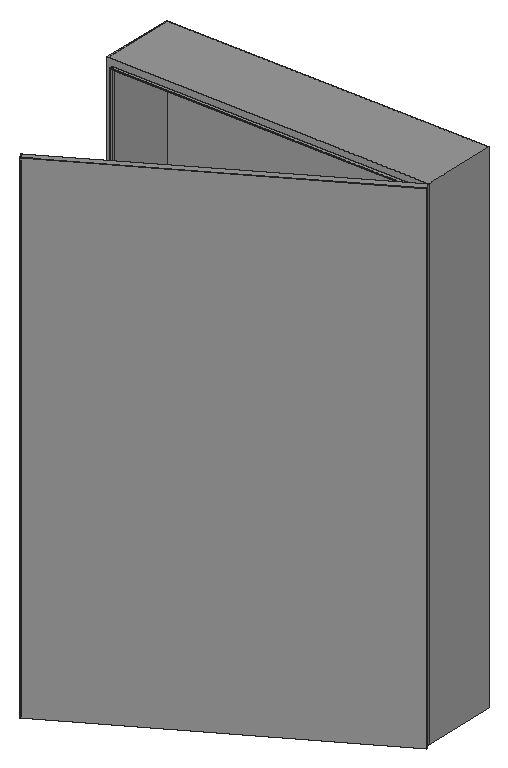
Revit family "Hager-Univers-IP44-D205-H1250-Cl.I-encl-NoHosted-PL-pl", category Electrical Equipment, Revit 2020
Family settings
  Panel Configuration = Two Columns, Circuits Across
  Round Connector Dimension = Use Diameter
  Part Type = Panelboard
  Work Plane-Based = Yes
  Always vertical = Yes
  Cut with Voids When Loaded = No
  Shared = No
  Room Calculation Point = No
Parameters (values of type "Montaż natynkowy IP44 S800 W1250 G205  - FP83TN2")
  Width Control [instance] = if([EF000008 - Szerokość] > Min Width, [EF000008 - Szerokość], Min Width)  # 800 mm
  Type Comments = [HG000003 - Zakres]  # "Univers"
  Thickness Door [instance] = if([EF009171 - Drzwi/pokrywa z materiału o wysokiej wytrzymałości mechanicznej] > 3 mm, 3 mm, [EF009171 - Drzwi/pokrywa z materiału o wysokiej wytrzymałości mechanicznej])  # 1 mm
  Seal Frame Offset [instance] = 17 mm  # constant formula
  Plinth Visibility [instance] = [HG000027 - Wysokość cokołu] > 0 mm  # no
  Min Width [instance] = 100 mm  # constant formula
  Min Depth [instance] = (2 * [EF009170 - Obudowa z materiału o wysokiej wytrzymałości mechanicznej]) + 1 mm  # 3 mm
  Min Height [instance] = 100 mm  # constant formula
  Internal Frame Depth [instance] = (Door System Depth * 0.5)  # 9 mm
  Panel Name [instance] = ""  # (empty or 0)
  Model = ""
  HG000027 - Wysokość cokołu = 0 mm
  HG000026 - Stojąca = no
  HG000024 - Wysokość części dolnej = 600 mm
  HG000023 - Obudowa dwusekcyjna = no
  HG000016 - Widoczność drzwi w widoku 3D [instance] = yes
  HG000015 - Przestrzeń robocza - otwarcie drzwi [instance] = no
  HG000014 - Drzwi prawe [instance] = yes
  HG000013 - Drzwi lewe [instance] = not([HG000014 - Drzwi prawe])  # no
  HG000012 - Kąt otwarcia drzwi [instance] = 30.00°
  HG000010 - Drzwi asymetryczne = no
  HG000009 - Drzwi dwuskrzydłowe = no
  HG000006 - Montaż podtynkowy = no
  HG000004 - Referencja producenta = "FP83TN2"
  HG000003 - Zakres = "Univers"
  HG000002 - Z drzwiami lub pokrywą = yes
  Frame Offset Bottom [instance] = 10 mm  # constant formula
  Frame Offset [instance] = 15 mm  # constant formula
  EF015940 - Pokrywa z wyzwalaczem nadciśnieniowym = no
  EF011959 - Stopień ochrony (NEMA) = ""
  EF009554 - Liczba otworów pod flansze = 6
  EF009212 - Wykonanie pokrywy = "EV000116 - Zamknięty"
  EF009171 - Drzwi/pokrywa z materiału o wysokiej wytrzymałości mechanicznej = 1 mm
  EF009170 - Obudowa z materiału o wysokiej wytrzymałości mechanicznej = 1 mm
  EF008873 - Prąd znamionowy (In) = 250 A
  EF007800 - Do ochrony odgromowej = no
  EF006306 - Z zamkiem = no
  EF006244 - Transparentna pokrywa/drzwi = no
  EF005474 - Stopień ochrony (IP) = "EV006418 - IP44"
  EF004464 - Rodzaj drzwi = "EV002646 - Pojedynczy"
  EF004427 - Liczba modułów = 288
  EF004293 - Odporność udarowa = "EV006815 - IK09"
  EF003532 - Do zastosowań zewnętrznych = no
  EF002950 - Szerokość wyrażona liczbą modułów = 36
  EF001613 - Podtrzymanie funkcji = "EV000494 - Brak"
  EF001596 - Materiał obudowy = "EV000179 - Stal"
  EF001131 - Głębokość wewnętrzna = 130 mm
  EF001088 - Możliwość rozbudowy = yes
  EF000437 - Liczba wejść kablowych = 6
  EF000339 - Rodzaj pokrywy = "EV001012 - Pokrywa"
  EF000266 - Liczba rzędów = 8
  EF000218 - Głębokość wbudowania = 205 mm
  EF000118 - Z płytą montażową = no
  EF000116 - Numer RAL = "9010"
  EF000049 - Głębokość = 205 mm
  EF000040 - Wysokość = 1250 mm
  EF000008 - Szerokość = 800 mm
  EF000007 - Kolor = "EV000202 - Biały"
  EF000003 - Sposób montażu = "EV000384 - Montaż natynkowy"
  Door System Leaf Tolerance [instance] = 1.5 mm  # constant formula
  Door System Depth [instance] = 18 mm  # constant formula
  Door Height [instance] = Height Control - [HG000027 - Wysokość cokołu]  # 1250 mm
  Description = ""
  Default Elevation = 1219.2 mm
  Connector Offset [instance] = Height Control / 2  # 625 mm
  Manufacturer = "Hager"  # constant formula
  Height Control [instance] = if([EF000040 - Wysokość] > Min Height, [EF000040 - Wysokość], Min Height)  # 1250 mm
  Depth Control [instance] = if([EF000049 - Głębokość] > Min Depth, [EF000049 - Głębokość], Min Depth)  # 205 mm
  Bottom Top Plate Trim [instance] = 1.5 mm  # constant formula
  Plinth height Ctrl [instance] = if([HG000027 - Wysokość cokołu] > 0 mm, [HG000027 - Wysokość cokołu], 12 mm)  # 12 mm
Types (5, lengths in mm): name | Width Control | HG000010 - Drzwi asymetryczne | HG000009 - Drzwi dwuskrzydłowe | HG000004 - Referencja producenta | EF009554 - Liczba otworów pod flansze | EF004464 - Rodzaj drzwi | EF004427 - Liczba modułów | EF002950 - Szerokość wyrażona liczbą modułów | EF000437 - Liczba wejść kablowych | EF000008 - Szerokość
  Montaż natynkowy IP44 S1050 W1250 G205  - FP84TN2 | 1050 | no | yes | "FP84TN2" | 8 | "EV003602 - Podwójny" | 384 | 48 | 8 | 1050
  Montaż natynkowy IP44 S1300 W1250 G205  - FP85TN2 | 1300 | yes | yes | "FP85TN2" | 10 | "EV003602 - Podwójny" | 480 | 60 | 10 | 1300
  Montaż natynkowy IP44 S300 W1250 G205  - FP81TN2 | 300 | no | no | "FP81TN2" | 2 | "EV002646 - Pojedynczy" | 96 | 12 | 2 | 300
  Montaż natynkowy IP44 S550 W1250 G205  - FP82TN2 | 550 | no | no | "FP82TN2" | 4 | "EV002646 - Pojedynczy" | 192 | 24 | 4 | 550
  Montaż natynkowy IP44 S800 W1250 G205  - FP83TN2 | 800 | no | no | "FP83TN2" | 6 | "EV002646 - Pojedynczy" | 288 | 36 | 6 | 800
Reference planes
  plane 1 "Center (Front/Back)": y = 0
  plane 2: z = 0
  plane 3 "Center (Left/Right)": x = 0
  plane 4: y = 0
  plane 5: y = 0
  plane 6: z = 0
  plane 7: x = -400
  plane 8: x = 400
  plane 9: x = 399
  plane 10: x = -399
  plane 11: z = 0
  plane 12: z = 1
  plane 13: y = -205
  plane 14: y = -1
  plane 15: x = 0
  plane 16: y = -187
  plane 17: y = -204
  plane 18: y = -186
  plane 19: x = -384
  plane 20: x = 384
  plane 21: z = 11
  plane 22: x = -383
  plane 23: x = 383
  plane 24: z = 0
  plane 25: z = 1250
  plane 26: z = 1250
  plane 27: z = 1234
  plane 28: z = 1249
Forms (mm)
  Extrusion 1, solid, material "Hager_Steel_RAL7035_Light_Grey", detail levels medium+fine
    sketch origin (-208.679, -4572, 0) x (-1, 0, 0) y (0, -1, 0)
      loop
        line (191.321, -4385) -> (-608.679, -4385) -> (-608.679, -4572) -> (191.321, -4572) -> (191.321, -4385)
    from 0 to 1250
  Extrusion 2, void
    sketch origin (-350.771, -205, 1219.2) x (1, 0, 0) y (0, 0, 1)
      loop
        line (-48.229, 29.8) -> (-48.229, -1218.2) -> (749.771, -1218.2) -> (749.771, 29.8) -> (-48.229, 29.8)
    from -19 to -204
  Extrusion 3, void
    sketch origin (-290.084, -187, 1219.2) x (1, 0, 0) y (0, 0, 1)
      loop
        line (-93.916, -1208.2) -> (674.084, -1208.2) -> (674.084, 14.8) -> (-93.916, 14.8) -> (-93.916, -1208.2)
    from 0 to -1
  Extrusion 4, solid, material "Hager_Steel_RAL7035_Light_Grey", visible <- "Plinth Visibility", detail levels medium+fine
    sketch origin (0, 0, 0) x (1, 0, 0) y (0, 1, 0)
      loop
        line (-400, 0) -> (-400, -187) -> (400, -187) -> (400, 0) -> (-400, 0)
    from 0 to 12 <- "Plinth height Ctrl"
  Extrusion 5, solid, material "Hager_Steel_RAL7035_Light_Grey", detail levels coarse
    sketch origin (0, 0, 0) x (1, 0, 0) y (0, 1, 0)
      loop
        line (-400, 0) -> (-400, -205) -> (400, -205) -> (400, 0) -> (-400, 0)
    from 0 to 1250 <- "Height Control"
  Sweep 6, void
    path in 3D
      loop
        line (-400, -187, 12) -> (400, -187, 12) -> (400, 0, 12) -> (-400, 0, 12) -> (-400, -187, 12)
    profile origin (-400, -93.5, 12) x (1, 0, 0) y (0, 0, 1)
      loop
        line (0, 0) -> (0, -1.5) -> (1.5, -1.5)
        arc (1.5, -1.5) -> (1.061, -0.439) -> (0, 0) r 1.5
  Extrusion 7, solid, material "Hager_Steel_RAL7035_Light_Grey", detail levels fine
    sketch origin (-400, -187, 0) x (1, 0, 0) y (0, 0, 1)
      loop
        line (16, 11) -> (784, 11) -> (784, 1234) -> (16, 1234) -> (16, 11)
      loop
        line (15, 10) -> (785, 10) -> (785, 1235) -> (15, 1235) -> (15, 10)
    from 0 to 9 <- "Internal Frame Depth"
Cuts and joins
  Extrusion 2, Extrusion 3 cuts Extrusion 1
  Sweep 6 cuts Extrusion 4
Lines and regions (mm)
  Masking region 1
    outline origin (0, 0, 0) x (1, 0, 0) y (0, 1, 0)
      loop
        line (-400, 0) -> (-400, -205) -> (400, -205) -> (400, 0) -> (-400, 0)
  Masking region 2, detail levels coarse
    outline origin (-290.084, -187, 1219.2) x (-1, 0, 0) y (0, 0, 1)
      loop
        line (-690.084, -1219.2) -> (109.916, -1219.2) -> (109.916, 30.8) -> (-690.084, 30.8) -> (-690.084, -1219.2)
  Masking region 3, detail levels coarse
    outline origin (0, 0, 0) x (0, 1, 0) y (0, 0, 1)
      loop
        line (0, 0) -> (0, 1250) -> (-205, 1250) -> (-205, 0) -> (0, 0)
  Masking region 4, visible <- "Plinth Visibility", detail levels medium+fine
    outline origin (0, 0, 0) x (0, 1, 0) y (0, 0, 1)
      loop
        line (-1.5, 12) -> (-185.5, 12)
        arc (-185.5, 12) -> (-185.939, 10.939) -> (-187, 10.5) r 1.5
        line (-187, 10.5) -> (-187, 0) -> (0, 0) -> (0, 10.5)
        arc (0, 10.5) -> (-1.061, 10.939) -> (-1.5, 12) r 1.5
  Masking region 5, detail levels medium+fine
    outline origin (0, 0, 594.038) x (0, 1, 0) y (0, 0, 1)
      loop
        line (0, -594.038) -> (0, 655.962) -> (-187, 655.962) -> (-187, -594.038) -> (0, -594.038)
  Masking region 6, detail levels medium+fine
    outline origin (-359.7, -187, 1211.883) x (-1, 0, 0) y (0, 0, 1)
      loop
        line (-759.7, -1211.883) -> (40.3, -1211.883) -> (40.3, 38.117) -> (-759.7, 38.117) -> (-759.7, -1211.883)
  Masking region 7, visible <- "Plinth Visibility", detail levels medium+fine
    outline origin (-320.334, -187, 1041.368) x (-1, 0, 0) y (0, 0, 1)
      loop
        line (-720.334, -1041.368) -> (79.666, -1041.368) -> (79.666, -1030.868)
        arc (79.666, -1030.868) -> (78.606, -1030.429) -> (78.166, -1029.368) r 1.5
        line (78.166, -1029.368) -> (-718.834, -1029.368)
        arc (-718.834, -1029.368) -> (-719.273, -1030.429) -> (-720.334, -1030.868) r 1.5
        line (-720.334, -1030.868) -> (-720.334, -1041.368)
  sketch lines
    curve 1: line (-400, 0, 12) -> (-400, -187, 12)
    curve 2: line (-400, -187, 12) -> (400, -187, 12)
    curve 3: line (400, 0, 12) -> (-400, 0, 12)
    curve 4: line (400, -187, 12) -> (400, 0, 12)
Dimensions and locks
  locked: plane 1 "Center (Front/Back)" to plane 5
  "EF009170 - Obudowa z materiału o wysokiej wytrzymałości mechanicznej": plane 7 to plane 10
  "EF009170 - Obudowa z materiału o wysokiej wytrzymałości mechanicznej": plane 8 to plane 9
  equal spacing: plane 7, plane 3 "Center (Left/Right)", plane 8
  "Width Control": plane 7 to plane 8
  "Depth Control": plane 4 to plane 13
  "EF009170 - Obudowa z materiału o wysokiej wytrzymałości mechanicznej": plane 4 to plane 14
  "Height Control": plane 25 to level
  "HG000027 - Wysokość cokołu": plane 11 to level
  "EF009170 - Obudowa z materiału o wysokiej wytrzymałości mechanicznej": plane 12 to plane 11
  "EF009170 - Obudowa z materiału o wysokiej wytrzymałości mechanicznej": plane 17 to plane 13
  "EF009170 - Obudowa z materiału o wysokiej wytrzymałości mechanicznej": plane 18 to plane 16
  "Frame Offset Bottom": plane 21 to plane 12
  "Frame Offset": plane 10 to plane 19
  "Frame Offset": plane 9 to plane 20
  "Door System Depth": plane 16 to plane 13
  "Seal Frame Offset": plane 7 to plane 22
  "Seal Frame Offset": plane 8 to plane 23
  "EF009170 - Obudowa z materiału o wysokiej wytrzymałości mechanicznej": plane 26 to plane 28
  "Frame Offset": plane 28 to plane 27
  "Connector Offset": plane 2 to connector elem
  "Bottom Top Plate Trim": profile plane to Sweep 6 sketch curve
  "Bottom Top Plate Trim": Sweep 6 sketch curve to Sweep 6 sketch curve
  "Plinth height Ctrl": Masking region 4 sketch curve to level
  "Plinth height Ctrl": Masking region 7 sketch curve to level
  "Thickness Door": Extrusion 7 sketch curve to Extrusion 7 sketch curve  (x4)
  "Bottom Top Plate Trim": radius of Sweep 6 sketch curve
  "Bottom Top Plate Trim": radius of Masking region 4 sketch curve  (x2)
  "Bottom Top Plate Trim": radius of Masking region 7 sketch curve  (x2)
  aligned and locked: Extrusion 2 sketch curve to plane 12
  aligned and locked: Extrusion 2 sketch curve to plane 9
  aligned and locked: Extrusion 2 sketch curve to plane 10
  aligned and locked: Extrusion 2 to plane 14
  aligned and locked: Extrusion 1 sketch curve to plane 4
  aligned and locked: plane 8 to Extrusion 1 sketch curve
  aligned and locked: plane 7 to Extrusion 1 sketch curve
  aligned and locked: Extrusion 2 to plane 18
  aligned and locked: Extrusion 3 sketch curve to plane 19
  aligned and locked: plane 20 to Extrusion 3 sketch curve
  aligned and locked: Extrusion 3 to Extrusion 2
  aligned and locked: Extrusion 3 sketch curve to plane 21
  aligned and locked: plane 3 "Center (Left/Right)" to nested 1
  aligned and locked: Extrusion 1 sketch curve to plane 16
  aligned and locked: Extrusion 4 sketch curve to cut or joined group of Extrusion 1, Extrusion 2, Extrusion 3
  aligned and locked: Masking region 1 sketch curve to plane 7
  aligned and locked: Masking region 1 sketch curve to plane 5
  aligned and locked: Masking region 1 sketch curve to plane 8
  aligned and locked: Masking region 2 sketch curve to level
  aligned and locked: level to Masking region 3 sketch curve
  aligned and locked: plane 1 "Center (Front/Back)" to Masking region 3 sketch curve
  aligned and locked: plane 13 to Masking region 3 sketch curve
  aligned and locked: plane 5 to Masking region 4 sketch curve
  aligned and locked: Masking region 2 sketch curve to plane 8
  aligned and locked: Masking region 2 sketch curve to plane 7
  aligned and locked: plane 7 to nested 2
  aligned and locked: nested 2 to plane 5
  aligned and locked: plane 5 to Masking region 5 sketch curve
  aligned and locked: plane 26 to Masking region 5 sketch curve
  aligned and locked: Extrusion 5 sketch curve to plane 8
  aligned and locked: Extrusion 5 sketch curve to plane 7
  aligned and locked: Extrusion 5 sketch curve to plane 5
  aligned and locked: Extrusion 3 sketch curve to plane 27
  aligned and locked: Extrusion 2 sketch curve to plane 28
  aligned and locked: Masking region 2 to plane 25
  aligned and locked: Extrusion 4 to plane 16
  aligned and locked: profile plane to Sweep 6 sketch curve
  aligned and locked: Masking region 5 sketch curve to plane 24
  aligned and locked: level to Masking region 4 sketch curve
  aligned and locked: Masking region 1 to plane 13
  aligned and locked: nested 1 to plane 16
  aligned and locked: Masking region 3 to plane 25
  aligned and locked: plane 16 to Masking region 4 sketch curve
  aligned and locked: Masking region 5 sketch curve to plane 16
  aligned and locked: plane 24 to plane 11
  aligned and locked: plane 26 to plane 25
  aligned and locked: plane 26 to cut or joined group of Extrusion 1, Extrusion 2, Extrusion 3
  aligned and locked: nested 1 to plane 24
  aligned and locked: Extrusion 1 to Extrusion 3
  aligned and locked: Masking region 6 sketch curve to plane 8
  aligned and locked: Masking region 6 sketch curve to plane 24
  aligned and locked: Masking region 6 sketch curve to plane 7
  aligned and locked: Masking region 6 sketch curve to plane 26
  aligned and locked: Masking region 7 sketch curve to plane 7
  aligned and locked: level to Masking region 7 sketch curve
  aligned and locked: Masking region 7 sketch curve to plane 8
  aligned and locked: Extrusion 7 sketch curve to cut or joined group of Extrusion 1, Extrusion 2, Extrusion 3  (x4)
Automatic sketch dimensions
  plane 19 to Extrusion 3 sketch curve = 0 mm
  Extrusion 3 sketch curve to plane 20 = 0 mm
  Extrusion 3 sketch curve to plane 21 = 0 mm
  Extrusion 4 sketch curve to plane 7 = 0 mm
  Extrusion 4 sketch curve to plane 8 = 0 mm
  Extrusion 4 sketch curve to plane 16 = 0 mm
  Masking region 1 sketch curve to plane 13 = 0 mm
  Masking region 2 sketch curve to plane 25 = 0 mm
  Masking region 3 sketch curve to plane 25 = 0 mm
  Extrusion 5 sketch curve to plane 13 = 0 mm
  profile plane to Sweep 6 sketch curve = 0 mm
Nested families
  nested 1: "EC000058_Univers_Door" at (0, -187, 0), Double <- "HG000009 - Drzwi dwuskrzydłowe", Transparent <- "EF006244 - Transparentna pokrywa/drzwi", Angle <- "HG000012 - Kąt otwarcia drzwi", Door_Right <- "HG000014 - Drzwi prawe", Assymetrical <- "HG000010 - Drzwi asymetryczne", Door <- "HG000002 - Z drzwiami lub pokrywą", Width_Ctrl <- "Width Control", 3d_Door <- "HG000016 - Widoczność drzwi w widoku 3D", Clearance <- "HG000015 - Przestrzeń robocza - otwarcie drzwi", Door_Left <- "HG000013 - Drzwi lewe", Width <- "Width Control", Door_Depth <- "Door System Depth", Leaf_Tolerance <- "Door System Leaf Tolerance", Height <- "Door Height", Lock_Visibility <- "EF006306 - Z zamkiem", Thickness <- "Thickness Door", type "EC000058_Univers_Door", detail levels medium+fine
    with min_wh 3 mm, Width_Ctrl 800 mm, Width 800 mm, Transparent no, Thickness 1 mm, Seal_Material Hager_Rubber, Lock_Visibility no, Lock_Material Hager_Plastic_RAL9005_Jet_Black, Leaf_Width 800 mm, Leaf_Tolerance_External_Sides 0 mm, Leaf_Tolerance 1.5 mm, Leaf_Offset 0 mm, Leaf_Height 1247 mm, Leaf_2_Width 800 mm, Leaf_2_Offset 400 mm, Leaf_1_Width 800 mm, Leaf_1_Offset 400 mm, Height_Ctrl 1250 mm, Height 1250 mm, Glass_Material Hager_Glass, Double_Clearance_Ctrl no, Double no, Door_Right_Ctrl yes, Door_Right yes, Door_Material Hager_Steel_RAL7035_Light_Grey, Door_Left_Ctrl no, Door_Left no, Door_Depth 18 mm, Door yes, Clearance_Material Hager_Clearance, Clearance_Depth 800 mm, Clearance_Ctrl no, Clearance no, Assymetrical no, Angle 30.00°, 3d_Door yes
  nested 2: "Hager_Enclosure_Symbol" at (-400, 0, 0), Height <- "Depth Control", Width <- "Width Control", type "Hager_Enclosure_Symbol"
    with Width_Ctrl 800 mm, Width 800 mm, Height_Ctrl 205 mm, Height 205 mm, A_Width_Int 13.453 mm, A_Width 161.438 mm, A_Height_Ctrl 179.375 mm, A_Height 179.375 mm
Connectors
  electrical at (0, 0, 625)
    settings: on plane 1 "Center (Front/Back)", index 1, voltage 0 V, apparent load 0 VA, apparent load phase1 0 VA, apparent load phase2 0 VA, apparent load phase3 0 VA, power factor 1, load classification "Other", number of poles 1, system type 30, power factor state 1, is connector primary yes, connector utility no, sub classification motor no, connector description ""
Definition of nested family "EC000058_Univers_Door"
  Parameters (values of type "EC000058_Univers_Door")
    min_wh [instance] = (2 * Thickness) + 1 mm  # 11 mm
    Width_Ctrl [instance] = 400 mm
    Width [instance] = 500 mm
    Transparent [instance] = yes
    Thickness [instance] = 5 mm
    Seal_Material [instance] = none
    Lock_Visibility [instance] = yes
    Lock_Material [instance] = none
    Leaf_Width [instance] = if((Width_Ctrl - 2 * Leaf_Tolerance_External_Sides) > 0 mm, (Width_Ctrl - 2 * Leaf_Tolerance_External_Sides), min_wh)  # 400 mm
    Leaf_Tolerance_External_Sides [instance] = 0 mm  # constant formula
    Leaf_Tolerance [instance] = 1.5 mm
    Leaf_Offset [instance] = 0 mm  # constant formula
    Leaf_Height [instance] = if((Height_Ctrl - 2 * Leaf_Tolerance) > 0 mm, (Height_Ctrl - 2 * Leaf_Tolerance), min_wh)  # 497 mm
    Leaf_2_Width [instance] = if(and(and(Double, Assymetrical), Door_Left), (Leaf_Width / 3) - (Leaf_Tolerance / 2), if(and(and(Double, Assymetrical), Door_Right), (Leaf_Width / 3) * 2 - (Leaf_Tolerance / 2), if(and(Double, not(Assymetrical)), (Leaf_Width / 2) - Leaf_Tolerance, Leaf_Width)))  # 400 mm
    Leaf_2_Offset [instance] = if(and(Double, Assymetrical), Leaf_2_Width / 2, if(and(Double, not(Assymetrical)), Leaf_Width / 4, Leaf_Width / 2))  # 200 mm
    Leaf_1_Width [instance] = if(and(and(Double, Assymetrical), Door_Right), (Leaf_Width / 3) - (Leaf_Tolerance / 2), if(and(and(Double, Assymetrical), Door_Left), (Width / 3) * 2 - (Leaf_Tolerance / 2), if(and(Double, not(Assymetrical)), (Leaf_Width / 2) - Leaf_Tolerance, Leaf_Width)))  # 400 mm
    Leaf_1_Offset [instance] = if(and(Double, Assymetrical), Leaf_1_Width / 2, if(and(Double, not(Assymetrical)), Leaf_Width / 4, Leaf_Width / 2))  # 200 mm
    Height_Ctrl [instance] = if(Height > min_wh, Height, min_wh)  # 500 mm
    Height [instance] = 500 mm
    Glass_Material [instance] = none
    Double_Clearance_Ctrl [instance] = and(Double, Clearance)  # no
    Double [instance] = no
    Door_Right_Ctrl [instance] = and(or(Door_Right, Double), Door)  # yes
    Door_Right [instance] = yes
    Door_Material [instance] = none
    Door_Left_Ctrl [instance] = and(or(Door_Left, Double), Door)  # no
    Door_Left [instance] = no
    Door_Depth [instance] = 30 mm
    Door [instance] = yes
    Default Elevation = 1219.2 mm
    Clearance_Material [instance] = none
    Clearance_Depth [instance] = if(Leaf_1_Width > Leaf_2_Width, Leaf_1_Width, Leaf_2_Width)  # 400 mm
    Clearance_Ctrl [instance] = and(not(Double), Clearance)  # yes
    Clearance [instance] = yes
    Assymetrical [instance] = yes
    Angle [instance] = 30.00°
    3d_Door [instance] = yes
  Reference planes
    plane 1 "Center (Front/Back)": y = 0
    plane 2 "Bottom": z = 0
    plane 3 "Center (Left/Right)": x = 0
    plane 4: z = 500
    plane 5: x = -200
    plane 6: x = 200
    plane 7: z = 500
    plane 8: x = -200
    plane 9: z = 0
    plane 10: x = 200
    plane 11: y = 0
    plane 12: z = 1.5
    plane 13: x = -600
    plane 14: y = -400
    plane 15: x = 600
    plane 16: x = 0
    plane 17: x = 0
    plane 18: x = -200
    plane 19: x = 200
    plane 20: z = 498.5
  Forms (mm)
    Extrusion 1, solid, material <- "Clearance_Material", visible <- "Double_Clearance_Ctrl"
      sketch origin (1200, 0, 0) x (1, 0, 0) y (0, 0, -1)
        loop
          line (-1800, -498.5) -> (-600, -498.5) -> (-600, 0) -> (-1800, 0) -> (-1800, -498.5)
      from 0 to -400
  Dimensions and locks
    equal spacing: plane 5, plane 3 "Center (Left/Right)", plane 6
    "Width_Ctrl": plane 5 to plane 6
    "Leaf_Offset": plane 5 to plane 8
    "Leaf_Offset": plane 6 to plane 10
    "Leaf_Offset": plane 9 to level
    "Leaf_Offset": plane 4 to plane 7
    "Height_Ctrl": plane 4 to level
    "Leaf_Tolerance": plane 12 to plane 9
    locked: plane 11 to plane 1 "Center (Front/Back)"
    "Leaf_1_Offset": plane 18 to plane 16
    "Leaf_2_Offset": plane 17 to plane 19
    "Leaf_1_Width": plane 13 to plane 8
    "Leaf_2_Width": plane 10 to plane 15
    "Clearance_Depth": plane 14 to plane 1 "Center (Front/Back)"
    "Leaf_Tolerance_External_Sides": plane 8 to plane 18
    "Leaf_Tolerance_External_Sides": plane 19 to plane 10
    "Leaf_Tolerance": plane 7 to plane 20
    aligned and locked: level to plane 2 "Bottom"
    aligned and locked: nested 1 to plane 16
    aligned and locked: nested 2 to plane 17
    aligned and locked: Extrusion 1 to plane 13
    aligned and locked: plane 15 to Extrusion 1
    aligned and locked: Extrusion 1 to plane 14
    aligned and locked: plane 12 to nested 1
    aligned and locked: nested 2 to plane 12
    aligned and locked: Extrusion 1 to plane 11
    aligned and locked: plane 20 to Extrusion 1
    aligned and locked: nested 2 to plane 11
    aligned and locked: nested 1 to plane 11
  Automatic sketch dimensions
    Extrusion 1 sketch curve to level = 0 mm
    plane 5 to Extrusion 1 sketch curve = 400 mm
    plane 6 to Extrusion 1 sketch curve = 400 mm
    Extrusion 1 sketch curve to plane 4 = 1.5 mm
  Nested families
    nested 1: "EC000058_Univers_Door_Leaf" at (0, 0, 1.5), Width <- "Leaf_1_Width", visible <- "Door_Left_Ctrl", Leaf_Height <- "Leaf_Height", Angle <- "Angle", 3d_Door <- "3d_Door", Transparent <- "Transparent", Clearance Material <- "Clearance_Material", Clearance <- "Clearance_Ctrl", Door_Material <- "Door_Material", Glass_Material <- "Glass_Material", Door_Depth <- "Door_Depth", Lock_Material <- "Lock_Material", Seal_Material <- "Seal_Material", Lock_Visibility <- "Lock_Visibility", Thickness <- "Thickness", type "EC000058_Univers_Door_Leaf"
      with Width 400 mm, Transparent_Glass_Offset 30 mm, Transparent_Ctrl yes, Transparent yes, Thickness 5 mm, Standard no, Seal_Material none, Seal_D2 8 mm, Seal_D1 1 mm, Offset_Internal_Frame 10 mm, Lock_Width 20 mm, Lock_Visibility_3d yes, Lock_Visibility yes, Lock_Thickness_3 3 mm, Lock_Thickness_2 1 mm, Lock_Thickness_1 3 mm, Lock_Radius_Offset_2 16 mm, Lock_Radius_Offset_1 15 mm, Lock_Radius_2 5 mm, Lock_Radius 6 mm, Lock_Offset 5 mm, Lock_Material none, Lock_Height 80 mm, Lock_Cover_Top_Offset_2d 17 mm, Lock_Cover_Height -65 mm, Leaf_Height 497 mm, Internal_Seal_Thickness 8 mm, Internal_Seal_Depth_2 4.5 mm, Internal_Frame_Depth 25 mm, Glass_Thickness -1 mm, Glass_Offset -2 mm, Glass_Material none, Door_Material none, Door_Depth 30 mm, Clearance Material none, Clearance yes, Angle_Ctrl 30.00°, Angle 30.00°, 3d_Door yes
    nested 2: "EC000058_Univers_Door_Leaf" at (0, 0, 1.5) x (-1, 0, 0) z (0, 0, 1), Width <- "Leaf_2_Width", visible <- "Door_Right_Ctrl", Leaf_Height <- "Leaf_Height", Angle <- "Angle", 3d_Door <- "3d_Door", Transparent <- "Transparent", Clearance Material <- "Clearance_Material", Clearance <- "Clearance_Ctrl", Door_Material <- "Door_Material", Glass_Material <- "Glass_Material", Door_Depth <- "Door_Depth", Lock_Material <- "Lock_Material", Seal_Material <- "Seal_Material", Lock_Visibility <- "Lock_Visibility", Thickness <- "Thickness", type "EC000058_Univers_Door_Leaf"
      with Width 400 mm, Transparent_Glass_Offset 30 mm, Transparent_Ctrl yes, Transparent yes, Thickness 5 mm, Standard no, Seal_Material none, Seal_D2 8 mm, Seal_D1 1 mm, Offset_Internal_Frame 10 mm, Lock_Width 20 mm, Lock_Visibility_3d yes, Lock_Visibility yes, Lock_Thickness_3 3 mm, Lock_Thickness_2 1 mm, Lock_Thickness_1 3 mm, Lock_Radius_Offset_2 16 mm, Lock_Radius_Offset_1 15 mm, Lock_Radius_2 5 mm, Lock_Radius 6 mm, Lock_Offset 5 mm, Lock_Material none, Lock_Height 80 mm, Lock_Cover_Top_Offset_2d 17 mm, Lock_Cover_Height -65 mm, Leaf_Height 497 mm, Internal_Seal_Thickness 8 mm, Internal_Seal_Depth_2 4.5 mm, Internal_Frame_Depth 25 mm, Glass_Thickness -1 mm, Glass_Offset -2 mm, Glass_Material none, Door_Material none, Door_Depth 30 mm, Clearance Material none, Clearance yes, Angle_Ctrl 30.00°, Angle 30.00°, 3d_Door yes
  Definition of nested family "EC000058_Univers_Door_Leaf"
    Parameters (values of type "EC000058_Univers_Door_Leaf")
      Width [instance] = 2000 mm
      Transparent_Glass_Offset [instance] = 30 mm
      Transparent_Ctrl [instance] = and(Transparent, [3d_Door])  # yes
      Transparent [instance] = yes
      Thickness [instance] = 5 mm
      Standard [instance] = and(not(Transparent), [3d_Door])  # no
      Seal_Material [instance] = none
      Seal_D2 [instance] = 8 mm  # constant formula
      Seal_D1 [instance] = 1 mm  # constant formula
      Offset_Internal_Frame [instance] = 10 mm  # constant formula
      Lock_Width [instance] = 20 mm  # constant formula
      Lock_Visibility_3d [instance] = and(Lock_Visibility, [3d_Door])  # yes
      Lock_Visibility [instance] = yes
      Lock_Thickness_3 [instance] = 3 mm  # constant formula
      Lock_Thickness_2 [instance] = 1 mm  # constant formula
      Lock_Thickness_1 [instance] = 3 mm  # constant formula
      Lock_Radius_Offset_2 [instance] = Lock_Radius_Offset_1 + 1 mm  # 16 mm
      Lock_Radius_Offset_1 [instance] = 15 mm  # constant formula
      Lock_Radius_2 [instance] = Lock_Radius - 1 mm  # 5 mm
      Lock_Radius [instance] = 6 mm  # constant formula
      Lock_Offset [instance] = 5 mm  # constant formula
      Lock_Material [instance] = none
      Lock_Height [instance] = 80 mm  # constant formula
      Lock_Cover_Top_Offset_2d [instance] = Lock_Radius_Offset_2 + 1 mm  # 17 mm
      Lock_Cover_Height [instance] = -(Lock_Height - Lock_Radius_Offset_1)  # -65 mm
      Leaf_Height [instance] = 2720.336 mm
      Internal_Seal_Thickness [instance] = 8 mm  # constant formula
      Internal_Seal_Depth_2 [instance] = 4.5 mm  # constant formula
      Internal_Frame_Depth [instance] = if(Door_Depth - Thickness > 5 mm, Door_Depth - Thickness, 5 mm)  # 25 mm
      Glass_Thickness [instance] = if(Thickness > 15 mm, Glass_Offset + 10 mm, -1 mm)  # -1 mm
      Glass_Offset [instance] = if(Thickness > 15 mm, -(Thickness + 10 mm) / 2, -2 mm)  # -2 mm
      Glass_Material [instance] = none
      Door_Material [instance] = none
      Door_Depth [instance] = 30 mm
      Default Elevation = 0 mm
      Clearance Material [instance] = none
      Clearance [instance] = yes
      Angle_Ctrl [instance] = if(Angle > 180.00°, 180.00°, Angle)  # 90.00°
      Angle [instance] = 90.00°
      3d_Door [instance] = yes
    Reference planes
      plane 1 "Center (Front/Back)": y = 0
      plane 2: z = 0
      plane 3 "Center (Left/Right)": x = 0
      plane 4: y = 2000
      plane 5: x = -1000
      plane 6: x = 1000
      plane 7: x = -3000
      plane 8: z = 2720.336
      plane 9: z = 30
      plane 10: z = 2690.336
      plane 11: x = 970
      plane 12: x = -970
      plane 13: y = -3
      plane 14: z = 107.833
      plane 15: y = -5
      plane 16: y = -223.314
      plane 17: x = -1000
      plane 18: z = 1360.168
      plane 19: y = 30
    Forms (mm)
      Extrusion 1, solid, material <- "Clearance Material", visible <- "Clearance"
        sketch origin (0, 0, 0) x (1, 0, 0) y (0, 0, 1)
          loop
            line (-3000, 2720.336) -> (-3000, 0) -> (1000, 0) -> (1000, 2720.336) -> (-3000, 2720.336)
        from 0 to -2000
      Extrusion 2, solid, material <- "Door_Material", visible <- "Standard", detail levels medium+fine
        sketch origin (-1000, 0, 0) x (0, 1, 0) y (-1, 0, 0)
          loop
            line (0, 30) -> (0, 25) -> (2000, 25) -> (2000, 30) -> (0, 30)
        from 0 to 2720.336 <- "Leaf_Height"
      Extrusion 3, solid, material <- "Door_Material", visible <- "Transparent_Ctrl", detail levels medium+fine
        sketch origin (-1000, 0, 0) x (0, 1, 0) y (-1, 0, 0)
          loop
            line (0, 25) -> (2000, 25) -> (2000, 30) -> (0, 30) -> (0, 25)
        from 0 to 2720.336 <- "Leaf_Height"
      Extrusion 4, void
        sketch origin (-1025, 2000, 0) x (0, 1, 0) y (0, 0, -1)
          loop
            line (-30, -2690.336) -> (-30, -30) -> (-1970, -30) -> (-1970, -2690.336) -> (-30, -2690.336)
        from 0 to 5 <- "Thickness"
      Sweep 5, solid, material <- "Seal_Material", visible <- "Transparent_Ctrl", detail levels fine
        path in 3D
          loop
            line (-1025, 30, 30) -> (-1025, 30, 2690.336) -> (-1025, 1970, 2690.336) -> (-1025, 1970, 30) -> (-1025, 30, 30)
        profile origin (-1025, 1000, 30) x (1, 0, 0) y (0, 0, 1)
          loop
            line (0, 0) -> (0, -8) -> (1, -8) -> (1, 0) -> (0, 0)
      Extrusion 6, solid, material <- "Glass_Material", visible <- "Transparent_Ctrl", detail levels medium+fine
        sketch origin (-1030, 0, 0) x (0, 1, 0) y (0, 0, -1)
          loop
            line (1970, -2690.336) -> (1970, -30) -> (30, -30) -> (30, -2690.336) -> (1970, -2690.336)
        from -2 <- "Glass_Offset" to -1 <- "Glass_Thickness"
      Extrusion 7, solid, material <- "Door_Material", visible <- "3d_Door", detail levels medium+fine
        sketch origin (-1025, 2000, 0) x (0, -1, 0) y (0, 0, -1)
          loop
            line (0, -2720.336) -> (2000, -2720.336) -> (2000, 0) -> (0, 0) -> (0, -2720.336)
          loop
            line (1995, -5) -> (5, -5) -> (5, -2715.336) -> (1995, -2715.336) -> (1995, -5)
        from 0 to 25 <- "Internal_Frame_Depth"
      Sweep 8, solid, material <- "Seal_Material", visible <- "Transparent_Ctrl", detail levels fine
        path in 3D
          loop
            line (-1025, 0, 0) -> (-1025, 2000, 0) -> (-1025, 2000, 2720.336) -> (-1025, 0, 2720.336) -> (-1025, 0, 0)
        profile origin (-1025, 0, 1360.168) x (1, 0, 0) y (0, 1, 0)
          loop
            line (0, 10) -> (2.975, 10)
            arc (2.975, 10) -> (4.053, 10.447) -> (4.5, 11.525) r 1.525
            line (4.5, 11.525) -> (4.5, 16.527)
            arc (4.5, 16.527) -> (4.069, 17.569) -> (3.027, 18) r 1.473
            line (3.027, 18) -> (0, 18) -> (0, 10)
      Extrusion 9, solid, material <- "Lock_Material", visible <- "Lock_Visibility_3d", detail levels fine
        sketch origin (-1030, 0, 0) x (0, 1, 0) y (0, 0, -1)
          loop
            arc (1993.5, -1400.168) -> (1994.561, -1399.729) -> (1995, -1398.668) r 1.5
            line (1995, -1398.668) -> (1995, -1320.168) -> (1975, -1320.168) -> (1975, -1398.668)
            arc (1975, -1398.668) -> (1975.439, -1399.729) -> (1976.5, -1400.168) r 1.5
            line (1976.5, -1400.168) -> (1993.5, -1400.168)
        from 3 <- "Lock_Thickness_1" to 0
      Blend 10, solid, material <- "Lock_Material", visible <- "Lock_Visibility_3d", detail levels fine
        base sketch origin (-1033, 0, 0) x (0, 1, 0) y (0, 0, -1)
          loop
            line (1975, -1320.168) -> (1975, -1398.668)
            arc (1975, -1398.668) -> (1975.439, -1399.729) -> (1976.5, -1400.168) r 1.5
            line (1976.5, -1400.168) -> (1993.5, -1400.168)
            arc (1993.5, -1400.168) -> (1994.561, -1399.729) -> (1995, -1398.668) r 1.5
            line (1995, -1398.668) -> (1995, -1320.168) -> (1975, -1320.168)
        top sketch origin (-1033, 0, 0) x (0, 1, 0) y (0, 0, -1)
          loop
            line (1976, -1320.168) -> (1976, -1398.668)
            arc (1976, -1398.668) -> (1976.146, -1399.022) -> (1976.5, -1399.168) r 0.5
            line (1976.5, -1399.168) -> (1993.5, -1399.168)
            arc (1993.5, -1399.168) -> (1993.854, -1399.022) -> (1994, -1398.668) r 0.5
            line (1994, -1398.668) -> (1994, -1320.168) -> (1976, -1320.168)
        from 0 to 1 <- "Lock_Thickness_2"
      Blend 11, solid, material <- "Lock_Material", visible <- "Lock_Visibility_3d", detail levels fine
        base sketch origin (-1034, 0, 0) x (0, 1, 0) y (0, 0, -1)
          loop
            line (1978, -1320.168) -> (1978, -1384.168)
            arc (1978, -1384.168) -> (1985, -1391.168) -> (1992, -1384.168) r 7
            line (1992, -1384.168) -> (1992, -1320.168) -> (1978, -1320.168)
        top sketch origin (-1034, 0, 0) x (0, 1, 0) y (0, 0, -1)
          loop
            line (1991, -1320.168) -> (1979, -1320.168) -> (1979, -1383.168)
            arc (1979, -1383.168) -> (1985, -1389.168) -> (1991, -1383.168) r 6
            line (1991, -1383.168) -> (1991, -1320.168)
        from 0 to 3 <- "Lock_Thickness_3"
      Extrusion 12, solid, material <- "Lock_Material", visible <- "Lock_Visibility_3d", detail levels fine
        sketch origin (-1030, 1975, 1320.168) x (1, 0, 0) y (0, -1, 0)
          loop
            line (-7, -19) -> (-7, -1) -> (0, -1) -> (0, 0) -> (-8, 0) -> (-8, -20) -> (0, -20) -> (0, -19) -> (-7, -19)
        from 0 to -65 <- "Lock_Cover_Height"
      Extrusion 13, void
        sketch origin (-1038, 1995, 1320.168) x (-1, 0, 0) y (0, 0, -1)
          loop
            line (-5, -65) -> (0, -65) -> (-5, -60) -> (-5, -65)
        from 0 to 20 <- "Lock_Width"
      Extrusion 14, void
        sketch origin (-1038, 1975, 1320.168) x (0, -1, 0) y (0, 0, -1)
          loop
            circle (-10, -15.995) r 6
          loop
            circle (-10, -15.995) r 5
        from 0 to 2
      Extrusion 15, solid, material <- "Lock_Material", visible <- "Lock_Visibility_3d", detail levels medium
        sketch origin (-1030, 0, 0) x (0, 1, 0) y (0, 0, -1)
          loop
            arc (1993.5, -1400.168) -> (1994.561, -1399.729) -> (1995, -1398.668) r 1.5
            line (1995, -1398.668) -> (1995, -1320.168) -> (1975, -1320.168) -> (1975, -1398.668)
            arc (1975, -1398.668) -> (1975.439, -1399.729) -> (1976.5, -1400.168) r 1.5
            line (1976.5, -1400.168) -> (1993.5, -1400.168)
        from 8 to 0
    Cuts and joins
      Extrusion 4 cuts Extrusion 3
      Extrusion 13, Extrusion 14 cuts Extrusion 9
      Extrusion 14 cuts Blend 11
      Extrusion 13, Extrusion 14 cuts Extrusion 12
      joined: Extrusion 9, Blend 10, Blend 11, Extrusion 12
      Extrusion 14 cuts Extrusion 15
    Lines and regions (mm)
      Masking region 1, visible <- "Lock_Visibility", detail levels fine
        outline origin (0, 0, 0) x (0, 1, 0) y (0, 0, 1)
          loop
            line (30, 1320.168) -> (33, 1320.168) -> (33, 1400.168) -> (30, 1400.168) -> (30, 1320.168)
      Masking region 2, visible <- "Lock_Visibility", detail levels fine
        outline origin (0, 3.143, 0) x (0, 1, 0) y (0, 0, 1)
          loop
            line (29.857, 1354.168) -> (30.857, 1354.168) -> (30.857, 1366.168) -> (29.857, 1366.168) -> (29.857, 1354.168)
      Masking region 3, detail levels medium+fine
        outline origin (0, 0, 0) x (0, 1, 0) y (0, 0, 1)
          loop
            line (0, 0) -> (30, 0) -> (30, 2720.336) -> (0, 2720.336) -> (0, 0)
      Masking region 4, detail levels medium+fine
        outline origin (0, 0, 0) x (1, 0, 0) y (0, 0, 1)
          loop
            line (-1000, 2720.336) -> (-1000, 0) -> (1000, 0) -> (1000, 2720.336) -> (-1000, 2720.336)
      Masking region 5, visible <- "Lock_Visibility", detail levels fine
        outline origin (-47.116, 0, 0) x (1, 0, 0) y (0, 0, 1)
          loop
            arc (1024.616, 1399.168) -> (1023.556, 1398.729) -> (1023.116, 1397.668) r 1.5
            line (1023.116, 1397.668) -> (1023.116, 1320.168) -> (1041.116, 1320.168) -> (1041.116, 1397.668)
            arc (1041.116, 1397.668) -> (1040.677, 1398.729) -> (1039.616, 1399.168) r 1.5
            line (1039.616, 1399.168) -> (1024.616, 1399.168)
      Masking region 6, visible <- "Lock_Visibility", detail levels medium+fine
        outline origin (-25, 0, 0) x (1, 0, 0) y (0, 0, 1)
          loop
            arc (1001.5, 1400.168) -> (1000.439, 1399.729) -> (1000, 1398.668) r 1.5
            line (1000, 1398.668) -> (1000, 1320.168) -> (1020, 1320.168) -> (1020, 1398.668)
            arc (1020, 1398.668) -> (1019.561, 1399.729) -> (1018.5, 1400.168) r 1.5
            line (1018.5, 1400.168) -> (1001.5, 1400.168)
      Masking region 7, visible <- "Lock_Visibility", detail levels fine
        outline origin (-73.735, 0, 0) x (1, 0, 0) y (0, 0, 1)
          loop
            line (1051.735, 1382.168) -> (1065.735, 1382.168) -> (1065.735, 1384.168)
            arc (1065.735, 1384.168) -> (1058.735, 1391.168) -> (1051.735, 1384.168) r 7
            line (1051.735, 1384.168) -> (1051.735, 1382.168)
      Masking region 8, visible <- "Lock_Visibility", detail levels fine
        outline origin (-73.735, 0, 0) x (1, 0, 0) y (0, 0, 1)
          loop
            line (1052.735, 1382.168) -> (1064.735, 1382.168) -> (1064.735, 1383.168)
            arc (1064.735, 1383.168) -> (1058.735, 1389.168) -> (1052.735, 1383.168) r 6
            line (1052.735, 1383.168) -> (1052.735, 1382.168)
      Masking region 9, visible <- "Lock_Visibility", detail levels fine
        outline origin (-25, 0, 0) x (1, 0, 0) y (0, 0, 1)
          loop
            line (1020, 1320.168) -> (1020, 1382.168) -> (1000, 1382.168) -> (1000, 1320.168) -> (1020, 1320.168)
      Masking region 10, detail levels medium+fine
        outline origin (0, 0, 0) x (1, 0, 0) y (0, 0, 1)
          loop
            circle (985, 1335.144) r 6
      Masking region 11, detail levels fine
        outline origin (0, 0, 0) x (1, 0, 0) y (0, 0, 1)
          loop
            circle (985, 1335.144) r 5
      Masking region 12, visible <- "Lock_Visibility", detail levels fine
        outline origin (0, 12.767, 0) x (0, 1, 0) y (0, 0, 1)
          loop
            line (20.233, 1320.168) -> (21.233, 1320.168) -> (21.233, 1399.168) -> (20.233, 1400.168) -> (20.233, 1320.168)
      Masking region 13, visible <- "Lock_Visibility", detail levels fine
        outline origin (0, 13.767, -10) x (0, 1, 0) y (0, 0, 1)
          loop
            line (20.233, 1330.168) -> (23.233, 1330.168) -> (23.233, 1399.168) -> (20.233, 1402.168) -> (20.233, 1330.168)
      Masking region 14, visible <- "Lock_Visibility", detail levels fine
        outline origin (0, 12.767, -10) x (0, 1, 0) y (0, 0, 1)
          loop
            line (20.233, 1330.168) -> (25.233, 1330.168) -> (25.233, 1399.305) -> (20.233, 1394.305) -> (20.233, 1330.168)
      Masking region 15, visible <- "Lock_Visibility", detail levels medium
        outline origin (0, 0, 0) x (0, 1, 0) y (0, 0, 1)
          loop
            line (30, 1320.168) -> (38, 1320.168) -> (38, 1400.168) -> (30, 1400.168) -> (30, 1320.168)
      Masking region 16, visible <- "Lock_Visibility", detail levels fine
        outline origin (-1000, 0, 0) x (0, 1, 0) y (-1, 0, 0)
          loop
            line (1975, 30) -> (1995, 30) -> (1995, 38) -> (1975, 38) -> (1975, 30)
          loop
            line (1979, 37) -> (1976, 37) -> (1976, 34) -> (1978, 34) -> (1979, 37)
          loop
            line (1994, 37) -> (1991, 37) -> (1992, 34) -> (1994, 34) -> (1994, 37)
      Masking region 17, visible <- "Lock_Visibility", detail levels medium
        outline origin (-1000, 0, 0) x (0, 1, 0) y (-1, 0, 0)
          loop
            line (1975, 30) -> (1995, 30) -> (1995, 38) -> (1975, 38) -> (1975, 30)
      symbolic lines
        curve 1: line (1000, 0, 0) -> (-3000, 0, 0)
        curve 2: arc (1000, 0, 0) -> (-1000, 2000, 0) -> (-3000, 0, 0) r 2000
        curve 4: line (-1030, 0, 0) -> (-1030, 2000, 0)
      reference lines
        curve 3: line (-1000, 0, 0) -> (-1000, 2000, 0)
      symbolic lines, detail levels medium+fine
        curve 5: line (-1030, 2000, 0) -> (-1025, 2000, 0)
        curve 7: line (-1025, 0, 0) -> (-1030, 0, 0)
        curve 8: line (-1025, 0, 0) -> (-1000, 0, 0)
        curve 9: line (-1000, 0, 0) -> (-1000, 2000, 0)
        curve 10: line (-1000, 2000, 0) -> (-1025, 2000, 0)
      symbolic lines, detail levels fine
        curve 6: line (-1025, 2000, 0) -> (-1025, 0, 0)
      sketch lines
        curve 11: line (-1025, 0, 2720.336) -> (-1025, 0, 0)
        curve 12: line (-1025, 2000, 0) -> (-1025, 0, 0)
        curve 13: line (-1025, 2000, 2720.336) -> (-1025, 2000, 0)
        curve 14: line (-1025, 0, 2720.336) -> (-1025, 2000, 2720.336)
        curve 15: line (-1025, 1970, 30) -> (-1025, 30, 30)
        curve 16: line (-1025, 30, 30) -> (-1025, 30, 2690.336)
        curve 17: line (-1025, 1970, 2690.336) -> (-1025, 1970, 30)
        curve 18: line (-1025, 30, 2690.336) -> (-1025, 1970, 2690.336)
      symbolic lines, visible <- "Transparent", detail levels medium+fine
        curve 19: line (-970, 0, 2690.336) -> (970, 0, 2690.336)
        curve 20: line (-970, 0, 30) -> (-970, 0, 2690.336)
        curve 21: line (970, 0, 30) -> (-970, 0, 30)
        curve 22: line (970, 0, 2690.336) -> (970, 0, 30)
    Dimensions and locks
      "Width": plane 1 "Center (Front/Back)" to plane 4
      equal spacing: plane 5, plane 3 "Center (Left/Right)", plane 6
      "Width": plane 5 to plane 6
      "Width": plane 7 to plane 5
      "Leaf_Height": plane 8 to level
      "Width": curve 5 to curve 3
      "Width": curve 3 to curve 3
      plane 8 to plane 10 = 30 mm
      plane 9 to level = 30 mm
      plane 12 to plane 5 = 30 mm
      plane 6 to plane 11 = 30 mm
      Extrusion 1 to Extrusion 4 sketch curve = 30 mm
      "Transparent_Glass_Offset": curve 3 to Extrusion 4 sketch curve
      "Transparent_Glass_Offset": Extrusion 4 sketch curve to cut or joined group of Extrusion 3, Extrusion 4  (x2)
      cut or joined group of Extrusion 3, Extrusion 4 to Extrusion 6 sketch curve = 30 mm
      "Transparent_Glass_Offset": cut or joined group of Extrusion 3, Extrusion 4 to Extrusion 4 sketch curve
      "Thickness": curve 6 to curve 4
      "Thickness": Extrusion 7 sketch curve to Extrusion 7 sketch curve  (x4)
      "Door_Depth": curve 4 to curve 3
      "Offset_Internal_Frame": profile plane to Sweep 8 sketch curve
      "Internal_Seal_Thickness": Sweep 8 sketch curve to Sweep 8 sketch curve
      "Internal_Seal_Depth_2": profile plane to Sweep 8 sketch curve
      "Seal_D1": profile plane to Sweep 5 sketch curve
      "Seal_D2": profile plane to Sweep 5 sketch curve
      "Thickness": Extrusion 2 sketch curve to Extrusion 2 sketch curve
      equal spacing: Extrusion 9 sketch curve, plane 18, Extrusion 9 sketch curve  (x2)
      equal spacing: Masking region 1 sketch curve, plane 18, Masking region 1 sketch curve
      "Lock_Height": Masking region 1 sketch curve to Masking region 1 sketch curve
      "Lock_Radius": Masking region 2 sketch curve to plane 18 to Masking region 2 sketch curve
      Masking region 2 sketch curve to Masking region 1 = 1 mm
      "Door_Depth": plane 19 to plane 1 "Center (Front/Back)"
      "Lock_Thickness_1": Masking region 1 sketch curve to plane 19
      "Lock_Width": Extrusion 9 sketch curve to Extrusion 9 sketch curve
      "Lock_Height": Extrusion 9 sketch curve to Extrusion 9 sketch curve
      "Lock_Offset": cut or joined group of Extrusion 3, Extrusion 4 to Extrusion 9 sketch curve
      equal spacing: plane 8, plane 18, level
      "Lock_Radius_Offset_1": Blend 11 sketch curve to Blend 10
      locked: Blend 10 to Blend 11 sketch curve at 2  (x2)
      locked: var sketch to Blend 11 sketch curve at 1  (x2)
      "Lock_Radius_Offset_2": Blend 11 sketch curve to Blend 10
      locked: Extrusion 12 sketch curve to Extrusion 12 sketch curve at 1  (x3)
      Masking region 6 sketch curve to Masking region 6 sketch curve = 80 mm
      "Lock_Height": Masking region 6 sketch curve to Masking region 6 sketch curve
      "Lock_Width": Masking region 6 sketch curve to Masking region 6 sketch curve
      locked: Masking region 6 to Masking region 5 sketch curve at 1  (x3)
      locked: Masking region 5 to Masking region 7 sketch curve at 2  (x2)
      "Lock_Radius_Offset_1": Masking region 5 to Masking region 7 sketch curve
      "Lock_Radius_Offset_2": Masking region 5 to Masking region 8 sketch curve
      locked: Masking region 7 to Masking region 8 sketch curve at 1  (x2)
      "Lock_Cover_Top_Offset_2d": Masking region 5 to Masking region 9 sketch curve
      equal spacing: Masking region 9, Masking region 10 sketch curve, Masking region 9
      equal spacing: Masking region 9, Masking region 11 sketch curve, Masking region 9
      Extrusion 15 sketch curve to Extrusion 15 sketch curve = 80 mm
      "Lock_Width": Extrusion 15 sketch curve to Extrusion 15 sketch curve
      "Lock_Height": Extrusion 15 sketch curve to Extrusion 15 sketch curve
      equal spacing: Extrusion 15 sketch curve, plane 18, Extrusion 15 sketch curve
      "Lock_Thickness_3": Masking region 13 sketch curve to Masking region 13 sketch curve
      "Lock_Height": Masking region 12 sketch curve to Masking region 12 sketch curve
      locked: Masking region 13 sketch curve to Masking region 1 at 8
      locked: Masking region 14 sketch curve to Masking region 13 at 1
      locked: Masking region 14 sketch curve to Masking region 1 at 10.863
      "Lock_Height": Masking region 15 sketch curve to Masking region 15 sketch curve
      "Lock_Offset": Extrusion 15 sketch curve to cut or joined group of Extrusion 3, Extrusion 4
      "Lock_Offset": plane 6 to Masking region 6 sketch curve
      radius of Sweep 8 sketch curve = 1.525 mm
      radius of Sweep 8 sketch curve = 1.473 mm
      radius of Extrusion 9 sketch curve = 1.5 mm  (x2)
      "Lock_Radius": radius of Extrusion 14 sketch curve
      "Lock_Radius_2": radius of Extrusion 14 sketch curve
      "Lock_Radius": radius of Masking region 10 sketch curve
      "Lock_Radius_2": radius of Masking region 11 sketch curve
      radius of Extrusion 15 sketch curve = 1.5 mm  (x2)
      "Angle_Ctrl": angle plane 1 "Center (Front/Back)" to curve 3
      locked: Masking region 12 sketch curve to Masking region 12 sketch curve (angle 45.00°)
      locked: Masking region 13 sketch curve to Masking region 13 sketch curve (angle 45.00°)
      locked: Masking region 14 sketch curve to Masking region 14 sketch curve (angle 45.00°)
      aligned and locked: level to plane 2
      aligned and locked: Extrusion 1 to curve 1
      aligned and locked: plane 6 to Extrusion 1
      aligned and locked: Extrusion 1 to plane 1 "Center (Front/Back)"
      aligned and locked: plane 4 to Extrusion 1
      aligned and locked: plane 8 to Extrusion 1
      aligned and locked: curve 7 to Extrusion 2 sketch curve
      aligned and locked: curve 5 to Extrusion 2 sketch curve
      aligned and locked: curve 7 to Extrusion 3 sketch curve
      aligned and locked: Extrusion 3 sketch curve to curve 4
      aligned and locked: Extrusion 3 sketch curve to curve 6
      aligned and locked: Extrusion 3 sketch curve to curve 5
      aligned and locked: curve 9 to curve 3
      aligned and locked: Extrusion 7 sketch curve to cut or joined group of Extrusion 3, Extrusion 4  (x4)
      aligned and locked: plane 17 to curve 3
      aligned and locked: plane 1 "Center (Front/Back)" to curve 3
      aligned and locked: plane 17 to plane 5
      aligned and locked: Sweep 8 sketch curve to profile plane
      aligned and locked: Sweep 5 sketch curve to profile plane  (x2)
      aligned and locked: Masking region 1 to Masking region 2 sketch curve
      aligned and locked: plane 19 to Masking region 1 sketch curve
      aligned and locked: plane 1 "Center (Front/Back)" to Masking region 3 sketch curve
      aligned and locked: plane 19 to Masking region 3 sketch curve
      aligned and locked: level to Masking region 3 sketch curve
      aligned and locked: Masking region 3 sketch curve to plane 8
      aligned and locked: plane 17 to Masking region 4 sketch curve
      aligned and locked: level to Masking region 4 sketch curve
      aligned and locked: Masking region 4 sketch curve to plane 8
      aligned and locked: plane 12 to curve 20
      aligned and locked: plane 10 to curve 19
      aligned and locked: plane 11 to curve 22
      aligned and locked: curve 21 to plane 9
      aligned and locked: Extrusion 2 sketch curve to cut or joined group of Extrusion 3, Extrusion 4
      aligned and locked: Blend 10 sketch curve to Extrusion 9  (x4)
      aligned and locked: Extrusion 9 to Blend 10 sketch curve
      aligned and locked: Blend 10 to Blend 11 sketch curve
      aligned and locked: Extrusion 12 sketch curve to Blend 11
      aligned and locked: Extrusion 12 sketch curve to Extrusion 9  (x4)
      aligned and locked: Masking region 5 sketch curve to Masking region 6
      aligned and locked: Masking region 9 sketch curve to Masking region 6  (x3)
      aligned and locked: Masking region 12 sketch curve to Masking region 1
      aligned and locked: Masking region 13 sketch curve to Masking region 1
      aligned and locked: Masking region 12 to Masking region 14
      aligned and locked: Masking region 14 sketch curve to Masking region 1
      aligned and locked: Masking region 15 sketch curve to Masking region 14
      aligned and locked: Masking region 13 sketch curve to Masking region 12
      aligned and locked: Masking region 16 sketch curve to cut or joined group of Extrusion 14, Extrusion 15  (x4)
      aligned and locked: Masking region 16 sketch curve to cut or joined group of Extrusion 9, Blend 10, Blend 11, Extrusion 12, Extrusion 13, Extrusion 14  (x6)
      aligned and locked: cut or joined group of Extrusion 9, Blend 10, Blend 11, Extrusion 12, Extrusion 13, Extrusion 14 to Masking region 16 sketch curve
      aligned and locked: Masking region 17 sketch curve to cut or joined group of Extrusion 14, Extrusion 15  (x3)
      aligned and locked: Masking region 17 sketch curve to cut or joined group of Extrusion 9, Blend 10, Blend 11, Extrusion 12, Extrusion 13, Extrusion 14
      aligned and locked: Masking region 9 to Masking region 8 sketch curve
      aligned and locked: Masking region 9 to Masking region 7 sketch curve
    Automatic sketch dimensions
      plane 1 "Center (Front/Back)" to curve 2 = 0 mm
      curve 2 to plane 5 = 0 mm
      Extrusion 1 sketch curve to level = 0 mm
      Extrusion 1 sketch curve to plane 7 = 0 mm
      Extrusion 1 sketch curve to plane 6 = 0 mm
      Extrusion 1 sketch curve to plane 8 = 0 mm
      Extrusion 3 to Extrusion 6 sketch curve = 30 mm  (x4)
      Masking region 4 sketch curve to plane 6 = 0 mm
      Blend 10 sketch curve to Extrusion 9 = 1.5 mm
      Blend 10 sketch curve to Extrusion 9 = 1 mm
      Extrusion 13 sketch curve to Extrusion 12 = 0 mm  (x2)
      Extrusion 12 to Extrusion 13 sketch curve = 3 mm
      Extrusion 13 sketch curve to Extrusion 12 = 5 mm
      Extrusion 14 sketch curve to Extrusion 14 sketch curve = 0 mm  (x2)
      Extrusion 14 sketch curve to Extrusion 12 = 10 mm
      Extrusion 14 sketch curve to Extrusion 12 = 15.995 mm
      Masking region 5 sketch curve to Masking region 5 sketch curve = 1.5 mm  (x2)
      Masking region 10 sketch curve to plane 18 = 25.024 mm
      Masking region 11 sketch curve to plane 18 = 25.024 mm
      plane 19 to Masking region 14 sketch curve = 3 mm
      Masking region 16 sketch curve to Masking region 16 sketch curve = 3 mm
      curve 4 to curve 3 = 0 mm
      Blend 10 to Blend 11 sketch curve = 0 mm
      Masking region 6 sketch curve to Masking region 6 sketch curve = 1.5 mm  (x2)
      Masking region 6 sketch curve to plane 18 = 40 mm
      plane 19 to Masking region 12 sketch curve = 3 mm
      Masking region 12 sketch curve to Masking region 12 sketch curve = 1 mm
      Masking region 15 sketch curve to plane 19 = 0 mm
      Masking region 15 sketch curve to plane 18 = 40 mm
      radius of Blend 10 sketch curve to Extrusion 9 = 1 mm
Definition of nested family "Hager_Enclosure_Symbol"
  Parameters (values of type "Hager_Enclosure_Symbol")
    Width_Ctrl [instance] = if(Width > 1 mm, Width, 1 mm)  # 102.27 mm
    Width [instance] = 102.27 mm
    Height_Ctrl [instance] = if(Height > 1 mm, Height, 1 mm)  # 66.5 mm
    A_Width_Int [instance] = if(A_Width / 12 > 2 mm, A_Width / 12, 2 mm)  # 4.364 mm
    A_Width [instance] = if(A_Height_Ctrl * 0.9 > 2 mm, A_Height_Ctrl * 0.9, 2 mm)  # 52.369 mm
    A_Height_Ctrl [instance] = if(A_Height > 2 mm, A_Height, 2 mm)  # 58.188 mm
    Height [instance] = 66.5 mm
    A_Height [instance] = Height - (Height / 8)  # 58.188 mm
  Reference planes
    plane 1 "Centre (avant/arrière)": y = 0
    plane 2: z = 0
    plane 3 "Centre (gauche/droite)": x = 0
    plane 4: x = 52.369
    plane 5: y = 33.042
    plane 6: y = 41.77
    plane 7: y = 66.5
    plane 8: x = 26.184
    plane 9: y = 37.406
    plane 10: x = 102.27
    plane 11: y = 66.5
    plane 12: y = 8.313
  Lines and regions (mm)
    Filled region 1, type "Solid_Black", in view "Niveau de réf."
      outline origin (0, 0, 0) x (1, 0, 0) y (0, 1, 0)
        loop
          line (52.369, 66.5) -> (33.188, 54.536) -> (45.365, 45.006) -> (52.369, 66.5)
    Filled region 2, type "Solid_Black", in view "Niveau de réf."
      outline origin (0, 0, 0) x (1, 0, 0) y (0, 1, 0)
        loop
          line (0, 0) -> (102.27, 0) -> (102.27, 66.5) -> (0, 0)
    detail lines, in view "Niveau de réf."
      curve 1: line (0, 8.313, 0) -> (26.184, 41.77, 0)
      curve 2: line (26.184, 41.77, 0) -> (26.184, 33.042, 0)
      curve 3: line (26.184, 33.042, 0) -> (52.369, 66.5, 0)
  Dimensions and locks
    "A_Width": plane 3 "Centre (gauche/droite)" to plane 4
    equal spacing: plane 3 "Centre (gauche/droite)", plane 8, plane 4
    equal spacing: plane 6, plane 9, plane 5
    equal spacing: curve 3, Filled region 1 sketch curve, Filled region 1 sketch curve
    "Height_Ctrl": plane 1 "Centre (avant/arrière)" to plane 11
    "A_Height_Ctrl": plane 11 to plane 12
    equal spacing: plane 11, plane 9, plane 12
    "A_Width_Int": plane 6 to plane 9
    "Width_Ctrl": plane 3 "Centre (gauche/droite)" to plane 10
    angle Filled region 1 sketch curve to curve 3 = 20.00°
    angle curve 3 to Filled region 1 sketch curve = 20.00°
    locked: curve 3 to Filled region 1 sketch curve (angle 90.00°)
    aligned and locked: plane 10 to Filled region 2
    aligned and locked: plane 11 to Filled region 2 sketch curve
    aligned and locked: plane 10 to Filled region 2 sketch curve
    aligned and locked: plane 3 "Centre (gauche/droite)" to curve 1
    aligned and locked: plane 12 to curve 1
    aligned and locked: plane 7 to plane 11
  Automatic sketch dimensions
    Filled region 1 sketch curve to plane 4 = 0 mm
    Filled region 1 sketch curve to plane 7 = 0 mm
    plane 1 "Centre (avant/arrière)" to Filled region 2 sketch curve = 0 mm
    Filled region 2 sketch curve to plane 3 "Centre (gauche/droite)" = 0 mm
    curve 2 to plane 6 = 0 mm
    curve 2 to plane 8 = 0 mm
    curve 3 to plane 4 = 0 mm
    curve 2 to plane 5 = 0 mm
    curve 3 to plane 7 = 0 mm
